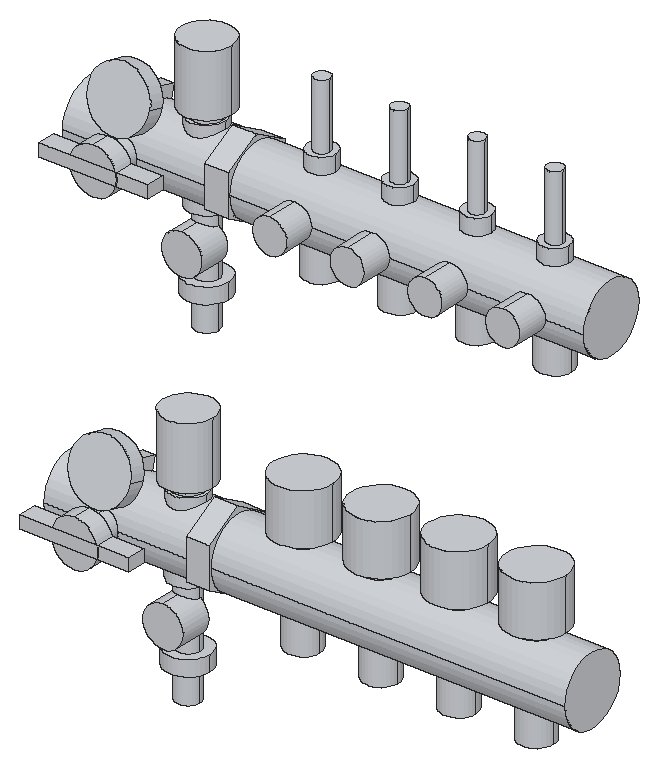
Revit family "318_f16c880827e94962872f661bd91b38", category Pipe Accessories, Revit 2017
Family settings
  Round Connector Dimension = Use Diameter
  Part Type = Valve - Normal
  Work Plane-Based = No
  Always vertical = Yes
  Cut with Voids When Loaded = No
  Shared = No
Parameters (values of type "R553FK104")
  magi_piping_qv_2_4 [instance] = 0.0 L/s
  magi_piping_qv_2_3 [instance] = 0.0 L/s
  magi_piping_qv_2_2 [instance] = 0.0 L/s
  magi_piping_qv_2_1 [instance] = 0.0 L/s
  magi_piping_qv_1_4 [instance] = 0.0 L/s
  magi_piping_qv_1_3 [instance] = 0.0 L/s
  magi_piping_qv_1_2 [instance] = 0.0 L/s
  magi_piping_qv_1_1 [instance] = 0.0 L/s
  magi_piping_qv [instance] = 0.0 L/s
  magi_piping_power_4 [instance] = 0 W
  magi_piping_power_3 [instance] = 0 W
  magi_piping_power_2 [instance] = 0 W
  magi_piping_power_1 [instance] = 0 W
  magi_piping_kv_4 [instance] = 0
  magi_piping_kv_3 [instance] = 0
  magi_piping_kv_2 [instance] = 0
  magi_piping_kv_1 [instance] = 0
  magi_piping_dpTot_4 [instance] = 0.0 Pa
  magi_piping_dpTot_3 [instance] = 0.0 Pa
  magi_piping_dpTot_2 [instance] = 0.0 Pa
  magi_piping_dpTot_1 [instance] = 0.0 Pa
  magi_adjustmentValue_4 [instance] = ""
  magi_adjustmentValue_3 [instance] = ""
  magi_adjustmentValue_2 [instance] = ""
  magi_adjustmentValue_1 [instance] = ""
  magiProductId = "f16c880827e94962872f661bd91b38"
  magiProductFamilyId = "f16c880827e94962872f661bd91b38"
  magiProductCode = "R553FK104"
  magiPartTypeId = 318
  Y = 15 mm
  VersionID = "2.0/2016.10.37.0/GIACOMINI_R553FK_001"
  URL = "http://www.giacomini.com/en"
  SMP = 25 mm
  SBP9 = 18 mm
  SBP8 = 18 mm
  SBP7 = 18 mm
  SBP6 = 18 mm
  SBP5 = 18 mm
  SBP4 = 18 mm
  SBP3 = 18 mm
  SBP2 = 18 mm
  SBP12 = 18 mm
  SBP11 = 18 mm
  SBP10 = 18 mm
  SBP1 = 18 mm
  RMP = 25 mm
  RBP9 = 18 mm
  RBP8 = 18 mm
  RBP7 = 18 mm
  RBP6 = 18 mm
  RBP5 = 18 mm
  RBP4 = 18 mm
  RBP3 = 18 mm
  RBP2 = 18 mm
  RBP12 = 18 mm
  RBP11 = 18 mm
  RBP10 = 18 mm
  RBP1 = 18 mm
  R2 = 22 mm
  QmdConnectorList = "321;SMP;322;SBP1;323;SBP2;324;SBP3;325;SBP4;351;RMP;352;RBP1;353;RBP2;354;RBP3;355;RBP4"
  Productdata [instance] = "© Progman Oy, all rights reserved"
  N9 = no
  N8 = no
  N7 = no
  N6 = no
  N5 = no
  N4 = yes
  N3 = yes
  N12 = no
  N11 = no
  N10 = no
  Manufacturer = "Giacomini"
  MC_Default_elevation = 0 mm
  L = 335 mm
  I = 50 mm
  H5 = 33 mm
  H4 = 5 mm
  H3__ve = -H3  # -40 mm
  H3 = 40 mm
  H2__ve = -H2  # -20 mm
  H2 = 20 mm
  H12 = 42 mm
  H11 = 10 mm
  Flow supply main [instance] = Flow supply 1 + Flow supply 2 + Flow supply 3 + Flow supply 4  # 0.0 L/s
  Flow supply 4 [instance] = 0.0 L/s
  Flow supply 3 [instance] = 0.0 L/s
  Flow supply 2 [instance] = 0.0 L/s
  Flow supply 1 [instance] = 0.0 L/s
  Flow return main [instance] = Flow return 1 + Flow return 2 + Flow return 3 + Flow return 4  # 0.0 L/s
  Flow return 4 [instance] = 0.0 L/s
  Flow return 3 [instance] = 0.0 L/s
  Flow return 2 [instance] = 0.0 L/s
  Flow return 1 [instance] = 0.0 L/s
  E = 208 mm
  Description = "PREASSEMBLED MANIFOLD KIT WITH FLOW METERS"
  D5 = 38 mm
  D4 = 22 mm
  D32 = 10 mm
  D31 = 18 mm
  D2 = 44 mm
  CAT0 = yes
  A = 149 mm
Reference planes
  plane 1 "Center (Front/Back)": y = 0
  plane 2 "XYPLANE": z = 0
  plane 3 "Center (Left/Right)": x = 0
  plane 4 "INIT_TEMP": y = 100
  plane 5 "414": y = -48
  plane 6 "413": z = -178
  plane 7 "412": y = -30
  plane 8 "411": z = -178
  plane 9 "410": z = -274
  plane 10 "409": z = -254
  plane 11 "408": z = -234
  plane 12 "407": z = -177
  plane 13 "406": z = -182
  plane 14 "405": y = -15
  plane 15 "404": z = 30
  plane 16 "403": y = -33
  plane 17 "402": x = 38
  plane 18 "401": z = 30
  plane 19 "400": z = -66
  plane 20 "399": z = -46
  plane 21 "398": z = -26
  plane 22 "397": z = 31
  plane 23 "396": x = 92
  plane 24 "395": z = 26
  plane 25 "394": x = 75
  plane 26 "393": z = -248
  plane 27 "392": z = -181
  plane 28 "391": z = -186
  plane 29 "390": z = -40
  plane 30 "389": x = 0
  plane 31 "388": y = 0
  plane 32 "387": y = -15
  plane 33 "386": z = -208
  plane 34 "385": z = 0
  plane 35 "384": z = 22
  plane 36 "383": x = 149
  plane 37 "382": x = 199
  plane 38 "381": y = -22
  plane 39 "380": x = 249
  plane 40 "379": z = 32
  plane 41 "378": x = 299
  plane 42 "377": x = 349
  plane 43 "376": x = 399
  plane 44 "375": x = 449
  plane 45 "374": x = 499
  plane 46 "373": x = 549
  plane 47 "372": x = 599
  plane 48 "371": x = 649
  plane 49 "370": x = 699
  plane 50 "1126": through (-712, -15, -178) normal (0, -0.2588, -0.9659)
  plane 51 "1127": through (-712, -30, -178) normal (0, 0.9659, -0.2588)
  plane 52 "1128": through (-712, -15, 30) normal (0, -0.9659, 0.2588)
  plane 53 "1129": through (-712, 0, 30) normal (0, 0.2588, 0.9659)
Forms (mm)
  Extrusion 1, solid
    sketch origin (750, -48, 0) x (-1, 0, 0) y (0, 0, 1)
      loop
        circle (712, -208) r 15
    from 0 to -12
  Extrusion 2, solid
    sketch origin (-712, -15, -178) x (1, 0, 0) y (0, -0.965926, 0.258819)
      loop
        line (746, -15) -> (754, -15) -> (754, 15) -> (746, 15) -> (746, -15)
    from 0 to 18
  Extrusion 3, solid
    sketch origin (750, -15, 0) x (-1, 0, 0) y (0, 0, 1)
      loop
        circle (712, -208) r 9
    from 0 to -33
  Extrusion 4, solid
    sketch origin (750, -48, 0) x (-1, 0, 0) y (0, 0, 1)
      loop
        line (677, -204) -> (677, -212) -> (747, -212) -> (747, -204) -> (677, -204)
    from 0 to -12
  Extrusion 5, solid
    sketch origin (-712, -30, -178) x (1, 0, 0) y (0, -0.258819, -0.965926)
      loop
        circle (750, 0) r 20
    from 0 to -10
  Extrusion 6, solid
    sketch origin (-750, 0, -182) x (1, 0, 0) y (0, 1, 0)
      loop
        circle (825, -15) r 12
    from 0 to -52
  Extrusion 7, solid
    sketch origin (92, -750, 0) x (0, 1, 0) y (0, 0, 1)
      loop
        line (735, -182) -> (712.483, -195) -> (712.483, -221) -> (735, -234) -> (757.517, -221) -> (757.517, -195) -> (735, -182)
    from 0 to 15
  Extrusion 8, solid
    sketch origin (-750, 0, -182) x (1, 0, 0) y (0, 1, 0)
      loop
        circle (825, -15) r 10
    from 0 to 5
  Extrusion 9, solid
    sketch origin (-750, 0, -177) x (1, 0, 0) y (0, 1, 0)
      loop
        circle (825, -15) r 16
    from 0 to 40
  Extrusion 10, solid
    sketch origin (-750, 0, -234) x (1, 0, 0) y (0, 1, 0)
      loop
        circle (825, -15) r 7.5
    from 0 to -70
  Extrusion 11, solid
    sketch origin (750, -15, 0) x (-1, 0, 0) y (0, 0, 1)
      loop
        circle (675, -254) r 13
    from 0 to -20
  Extrusion 12, solid
    sketch origin (-750, 0, -274) x (1, 0, 0) y (0, 1, 0)
      loop
        circle (825, -15) r 14
    from 0 to -10
  Extrusion 13, solid
    sketch origin (-712, -15, 30) x (1, 0, 0) y (0, 0.258819, 0.965926)
      loop
        circle (750, 0) r 20
    from 0 to 10
  Extrusion 14, solid
    sketch origin (750, -33, 0) x (-1, 0, 0) y (0, 0, 1)
      loop
        line (677, 4) -> (677, -4) -> (747, -4) -> (747, 4) -> (677, 4)
    from 0 to -12
  Extrusion 15, solid
    sketch origin (750, 0, 0) x (-1, 0, 0) y (0, 0, 1)
      loop
        circle (712, 0) r 9
    from 0 to -33
  Extrusion 16, solid
    sketch origin (-712, 0, 30) x (1, 0, 0) y (0, 0.965926, -0.258819)
      loop
        line (746, 15) -> (746, -15) -> (754, -15) -> (754, 15) -> (746, 15)
    from 0 to -18
  Extrusion 17, solid
    sketch origin (750, -33, 0) x (-1, 0, 0) y (0, 0, 1)
      loop
        circle (712, 0) r 15
    from 0 to -12
  Extrusion 18, solid
    sketch origin (-750, 0, -66) x (1, 0, 0) y (0, 1, 0)
      loop
        circle (825, 0) r 14
    from 0 to -10
  Extrusion 19, solid
    sketch origin (750, 0, 0) x (-1, 0, 0) y (0, 0, 1)
      loop
        circle (675, -46) r 13
    from 0 to -20
  Extrusion 20, solid
    sketch origin (-750, 0, -26) x (1, 0, 0) y (0, 1, 0)
      loop
        circle (825, 0) r 7.5
    from 0 to -70
  Extrusion 21, solid
    sketch origin (-750, 0, 31) x (1, 0, 0) y (0, 1, 0)
      loop
        circle (825, 0) r 16
    from 0 to 40
  Extrusion 22, solid
    sketch origin (-750, 0, 26) x (1, 0, 0) y (0, 1, 0)
      loop
        circle (825, 0) r 10
    from 0 to 5
  Extrusion 23, solid
    sketch origin (92, -750, 0) x (0, 1, 0) y (0, 0, 1)
      loop
        line (750, 26) -> (727.483, 13) -> (727.483, -13) -> (750, -26) -> (772.517, -13) -> (772.517, 13) -> (750, 26)
    from 0 to 15
  Extrusion 24, solid
    sketch origin (-750, 0, 26) x (1, 0, 0) y (0, 1, 0)
      loop
        circle (825, 0) r 12
    from 0 to -52
  Extrusion 25, solid, visible <- "N10"
    sketch origin (-750, 0, -208) x (1, 0, 0) y (0, 1, 0)
      loop
        circle (1349, -15) r 11
    from 0 to -40 <- "H3__ve"
  Extrusion 26, solid, visible <- "N10"
    sketch origin (-750, 0, -186) x (1, 0, 0) y (0, 1, 0)
      loop
        circle (1349, -15) r 11
    from 0 to 5 <- "H4"
  Extrusion 27, solid, visible <- "N10"
    sketch origin (-750, 0, -181) x (1, 0, 0) y (0, 1, 0)
      loop
        circle (1349, -15) r 19
    from 0 to 33 <- "H5"
  Extrusion 28, solid, visible <- "N12"
    sketch origin (-750, 0, -181) x (1, 0, 0) y (0, 1, 0)
      loop
        circle (1449, -15) r 19
    from 0 to 33 <- "H5"
  Extrusion 29, solid, visible <- "N12"
    sketch origin (-750, 0, -186) x (1, 0, 0) y (0, 1, 0)
      loop
        circle (1449, -15) r 11
    from 0 to 5 <- "H4"
  Extrusion 30, solid, visible <- "N12"
    sketch origin (-750, 0, -208) x (1, 0, 0) y (0, 1, 0)
      loop
        circle (1449, -15) r 11
    from 0 to -40 <- "H3__ve"
  Extrusion 31, solid, visible <- "N11"
    sketch origin (-750, 0, -208) x (1, 0, 0) y (0, 1, 0)
      loop
        circle (1399, -15) r 11
    from 0 to -40 <- "H3__ve"
  Extrusion 32, solid, visible <- "N11"
    sketch origin (-750, 0, -186) x (1, 0, 0) y (0, 1, 0)
      loop
        circle (1399, -15) r 11
    from 0 to 5 <- "H4"
  Extrusion 33, solid, visible <- "N11"
    sketch origin (-750, 0, -181) x (1, 0, 0) y (0, 1, 0)
      loop
        circle (1399, -15) r 19
    from 0 to 33 <- "H5"
  Extrusion 34, solid, visible <- "N8"
    sketch origin (-750, 0, -181) x (1, 0, 0) y (0, 1, 0)
      loop
        circle (1249, -15) r 19
    from 0 to 33 <- "H5"
  Extrusion 35, solid, visible <- "N8"
    sketch origin (-750, 0, -186) x (1, 0, 0) y (0, 1, 0)
      loop
        circle (1249, -15) r 11
    from 0 to 5 <- "H4"
  Extrusion 36, solid, visible <- "N8"
    sketch origin (-750, 0, -208) x (1, 0, 0) y (0, 1, 0)
      loop
        circle (1249, -15) r 11
    from 0 to -40 <- "H3__ve"
  Extrusion 37, solid, visible <- "N9"
    sketch origin (-750, 0, -208) x (1, 0, 0) y (0, 1, 0)
      loop
        circle (1299, -15) r 11
    from 0 to -40 <- "H3__ve"
  Extrusion 38, solid, visible <- "N9"
    sketch origin (-750, 0, -186) x (1, 0, 0) y (0, 1, 0)
      loop
        circle (1299, -15) r 11
    from 0 to 5 <- "H4"
  Extrusion 39, solid, visible <- "N9"
    sketch origin (-750, 0, -181) x (1, 0, 0) y (0, 1, 0)
      loop
        circle (1299, -15) r 19
    from 0 to 33 <- "H5"
  Extrusion 40, solid, visible <- "N7"
    sketch origin (-750, 0, -181) x (1, 0, 0) y (0, 1, 0)
      loop
        circle (1199, -15) r 19
    from 0 to 33 <- "H5"
  Extrusion 41, solid, visible <- "N7"
    sketch origin (-750, 0, -186) x (1, 0, 0) y (0, 1, 0)
      loop
        circle (1199, -15) r 11
    from 0 to 5 <- "H4"
  Extrusion 42, solid, visible <- "N7"
    sketch origin (-750, 0, -208) x (1, 0, 0) y (0, 1, 0)
      loop
        circle (1199, -15) r 11
    from 0 to -40 <- "H3__ve"
  Extrusion 43, solid, visible <- "N6"
    sketch origin (-750, 0, -208) x (1, 0, 0) y (0, 1, 0)
      loop
        circle (1149, -15) r 11
    from 0 to -40 <- "H3__ve"
  Extrusion 44, solid, visible <- "N6"
    sketch origin (-750, 0, -186) x (1, 0, 0) y (0, 1, 0)
      loop
        circle (1149, -15) r 11
    from 0 to 5 <- "H4"
  Extrusion 45, solid, visible <- "N6"
    sketch origin (-750, 0, -181) x (1, 0, 0) y (0, 1, 0)
      loop
        circle (1149, -15) r 19
    from 0 to 33 <- "H5"
  Extrusion 46, solid, visible <- "N5"
    sketch origin (-750, 0, -181) x (1, 0, 0) y (0, 1, 0)
      loop
        circle (1099, -15) r 19
    from 0 to 33 <- "H5"
  Extrusion 47, solid, visible <- "N5"
    sketch origin (-750, 0, -186) x (1, 0, 0) y (0, 1, 0)
      loop
        circle (1099, -15) r 11
    from 0 to 5 <- "H4"
  Extrusion 48, solid, visible <- "N5"
    sketch origin (-750, 0, -208) x (1, 0, 0) y (0, 1, 0)
      loop
        circle (1099, -15) r 11
    from 0 to -40 <- "H3__ve"
  Extrusion 49, solid, visible <- "N4"
    sketch origin (-750, 0, -208) x (1, 0, 0) y (0, 1, 0)
      loop
        circle (1049, -15) r 11
    from 0 to -40 <- "H3__ve"
  Extrusion 50, solid, visible <- "N4"
    sketch origin (-750, 0, -186) x (1, 0, 0) y (0, 1, 0)
      loop
        circle (1049, -15) r 11
    from 0 to 5 <- "H4"
  Extrusion 51, solid, visible <- "N4"
    sketch origin (-750, 0, -181) x (1, 0, 0) y (0, 1, 0)
      loop
        circle (1049, -15) r 19
    from 0 to 33 <- "H5"
  Extrusion 52, solid, visible <- "N3"
    sketch origin (-750, 0, -181) x (1, 0, 0) y (0, 1, 0)
      loop
        circle (999, -15) r 19
    from 0 to 33 <- "H5"
  Extrusion 53, solid, visible <- "N3"
    sketch origin (-750, 0, -186) x (1, 0, 0) y (0, 1, 0)
      loop
        circle (999, -15) r 11
    from 0 to 5 <- "H4"
  Extrusion 54, solid
    sketch origin (-750, 0, -186) x (1, 0, 0) y (0, 1, 0)
      loop
        circle (949, -15) r 11
    from 0 to 5 <- "H4"
  Extrusion 55, solid
    sketch origin (-750, 0, -181) x (1, 0, 0) y (0, 1, 0)
      loop
        circle (949, -15) r 19
    from 0 to 33 <- "H5"
  Extrusion 56, solid
    sketch origin (-750, 0, -181) x (1, 0, 0) y (0, 1, 0)
      loop
        circle (899, -15) r 19
    from 0 to 33 <- "H5"
  Extrusion 57, solid
    sketch origin (-750, 0, -186) x (1, 0, 0) y (0, 1, 0)
      loop
        circle (899, -15) r 11
    from 0 to 5 <- "H4"
  Extrusion 58, solid, visible <- "N3"
    sketch origin (-750, 0, -208) x (1, 0, 0) y (0, 1, 0)
      loop
        circle (999, -15) r 11
    from 0 to -40 <- "H3__ve"
  Extrusion 59, solid
    sketch origin (-750, 0, -208) x (1, 0, 0) y (0, 1, 0)
      loop
        circle (899, -15) r 11
    from 0 to -40 <- "H3__ve"
  Extrusion 60, solid
    sketch origin (-750, 0, -208) x (1, 0, 0) y (0, 1, 0)
      loop
        circle (949, -15) r 11
    from 0 to -40 <- "H3__ve"
  Extrusion 61, solid, visible <- "CAT0"
    sketch origin (0, -750, 0) x (0, 1, 0) y (0, 0, 1)
      loop
        circle (735, -208) r 22
    from 0 to 335 <- "L"
  Extrusion 62, solid, visible <- "N8"
    sketch origin (-750, 0, 0) x (1, 0, 0) y (0, 1, 0)
      loop
        circle (1249, 0) r 11
    from 0 to -40 <- "H3__ve"
  Extrusion 63, solid, visible <- "N9"
    sketch origin (-750, 0, 0) x (1, 0, 0) y (0, 1, 0)
      loop
        circle (1299, 0) r 11
    from 0 to -40 <- "H3__ve"
  Extrusion 64, solid, visible <- "N10"
    sketch origin (-750, 0, 0) x (1, 0, 0) y (0, 1, 0)
      loop
        circle (1349, 0) r 11
    from 0 to -40 <- "H3__ve"
  Extrusion 65, solid, visible <- "N11"
    sketch origin (-750, 0, 0) x (1, 0, 0) y (0, 1, 0)
      loop
        circle (1399, 0) r 11
    from 0 to -40 <- "H3__ve"
  Extrusion 66, solid, visible <- "N12"
    sketch origin (-750, 0, 0) x (1, 0, 0) y (0, 1, 0)
      loop
        circle (1449, 0) r 11
    from 0 to -40 <- "H3__ve"
  Extrusion 67, solid, visible <- "N7"
    sketch origin (-750, 0, 0) x (1, 0, 0) y (0, 1, 0)
      loop
        circle (1199, 0) r 11
    from 0 to -40 <- "H3__ve"
  Extrusion 68, solid, visible <- "N6"
    sketch origin (-750, 0, 0) x (1, 0, 0) y (0, 1, 0)
      loop
        circle (1149, 0) r 11
    from 0 to -40 <- "H3__ve"
  Extrusion 69, solid, visible <- "N5"
    sketch origin (-750, 0, 0) x (1, 0, 0) y (0, 1, 0)
      loop
        circle (1099, 0) r 11
    from 0 to -40 <- "H3__ve"
  Extrusion 70, solid, visible <- "N4"
    sketch origin (-750, 0, 0) x (1, 0, 0) y (0, 1, 0)
      loop
        circle (1049, 0) r 11
    from 0 to -40 <- "H3__ve"
  Extrusion 71, solid, visible <- "N3"
    sketch origin (-750, 0, 0) x (1, 0, 0) y (0, 1, 0)
      loop
        circle (999, 0) r 11
    from 0 to -40 <- "H3__ve"
  Extrusion 72, solid
    sketch origin (-750, 0, 0) x (1, 0, 0) y (0, 1, 0)
      loop
        circle (949, 0) r 11
    from 0 to -40 <- "H3__ve"
  Extrusion 73, solid
    sketch origin (-750, 0, 0) x (1, 0, 0) y (0, 1, 0)
      loop
        circle (899, 0) r 11
    from 0 to -40 <- "H3__ve"
  Extrusion 74, solid, visible <- "CAT0"
    sketch origin (0, -750, 0) x (0, 1, 0) y (0, 0, 1)
      loop
        circle (750, 0) r 22
    from 0 to 335 <- "L"
  Extrusion 75, solid
    sketch origin (-750, 0, 22) x (1, 0, 0) y (0, 1, 0)
      loop
        circle (899, 0) r 9
    from 0 to 10 <- "H11"
  Extrusion 76, solid
    sketch origin (750, -22, 0) x (-1, 0, 0) y (0, 0, 1)
      loop
        circle (601, 0) r 11
    from 0 to -20 <- "H2__ve"
  Extrusion 77, solid
    sketch origin (750, -22, 0) x (-1, 0, 0) y (0, 0, 1)
      loop
        circle (551, 0) r 11
    from 0 to -20 <- "H2__ve"
  Extrusion 78, solid, visible <- "N3"
    sketch origin (750, -22, 0) x (-1, 0, 0) y (0, 0, 1)
      loop
        circle (501, 0) r 11
    from 0 to -20 <- "H2__ve"
  Extrusion 79, solid
    sketch origin (-750, 0, 32) x (1, 0, 0) y (0, 1, 0)
      loop
        circle (899, 0) r 5
    from 0 to 42 <- "H12"
  Extrusion 80, solid
    sketch origin (-750, 0, 32) x (1, 0, 0) y (0, 1, 0)
      loop
        circle (949, 0) r 5
    from 0 to 42 <- "H12"
  Extrusion 81, solid
    sketch origin (-750, 0, 22) x (1, 0, 0) y (0, 1, 0)
      loop
        circle (949, 0) r 9
    from 0 to 10 <- "H11"
  Extrusion 82, solid, visible <- "N3"
    sketch origin (-750, 0, 22) x (1, 0, 0) y (0, 1, 0)
      loop
        circle (999, 0) r 9
    from 0 to 10 <- "H11"
  Extrusion 83, solid, visible <- "N3"
    sketch origin (-750, 0, 32) x (1, 0, 0) y (0, 1, 0)
      loop
        circle (999, 0) r 5
    from 0 to 42 <- "H12"
  Extrusion 84, solid, visible <- "N4"
    sketch origin (-750, 0, 32) x (1, 0, 0) y (0, 1, 0)
      loop
        circle (1049, 0) r 5
    from 0 to 42 <- "H12"
  Extrusion 85, solid, visible <- "N4"
    sketch origin (-750, 0, 22) x (1, 0, 0) y (0, 1, 0)
      loop
        circle (1049, 0) r 9
    from 0 to 10 <- "H11"
  Extrusion 86, solid, visible <- "N4"
    sketch origin (750, -22, 0) x (-1, 0, 0) y (0, 0, 1)
      loop
        circle (451, 0) r 11
    from 0 to -20 <- "H2__ve"
  Extrusion 87, solid, visible <- "N5"
    sketch origin (750, -22, 0) x (-1, 0, 0) y (0, 0, 1)
      loop
        circle (401, 0) r 11
    from 0 to -20 <- "H2__ve"
  Extrusion 88, solid, visible <- "N5"
    sketch origin (-750, 0, 22) x (1, 0, 0) y (0, 1, 0)
      loop
        circle (1099, 0) r 9
    from 0 to 10 <- "H11"
  Extrusion 89, solid, visible <- "N5"
    sketch origin (-750, 0, 32) x (1, 0, 0) y (0, 1, 0)
      loop
        circle (1099, 0) r 5
    from 0 to 42 <- "H12"
  Extrusion 90, solid, visible <- "N6"
    sketch origin (-750, 0, 32) x (1, 0, 0) y (0, 1, 0)
      loop
        circle (1149, 0) r 5
    from 0 to 42 <- "H12"
  Extrusion 91, solid, visible <- "N6"
    sketch origin (-750, 0, 22) x (1, 0, 0) y (0, 1, 0)
      loop
        circle (1149, 0) r 9
    from 0 to 10 <- "H11"
  Extrusion 92, solid, visible <- "N6"
    sketch origin (750, -22, 0) x (-1, 0, 0) y (0, 0, 1)
      loop
        circle (351, 0) r 11
    from 0 to -20 <- "H2__ve"
  Extrusion 93, solid, visible <- "N7"
    sketch origin (750, -22, 0) x (-1, 0, 0) y (0, 0, 1)
      loop
        circle (301, 0) r 11
    from 0 to -20 <- "H2__ve"
  Extrusion 94, solid, visible <- "N7"
    sketch origin (-750, 0, 22) x (1, 0, 0) y (0, 1, 0)
      loop
        circle (1199, 0) r 9
    from 0 to 10 <- "H11"
  Extrusion 95, solid, visible <- "N7"
    sketch origin (-750, 0, 32) x (1, 0, 0) y (0, 1, 0)
      loop
        circle (1199, 0) r 5
    from 0 to 42 <- "H12"
  Extrusion 96, solid, visible <- "N8"
    sketch origin (-750, 0, 32) x (1, 0, 0) y (0, 1, 0)
      loop
        circle (1249, 0) r 5
    from 0 to 42 <- "H12"
  Extrusion 97, solid, visible <- "N8"
    sketch origin (-750, 0, 22) x (1, 0, 0) y (0, 1, 0)
      loop
        circle (1249, 0) r 9
    from 0 to 10 <- "H11"
  Extrusion 98, solid, visible <- "N8"
    sketch origin (750, -22, 0) x (-1, 0, 0) y (0, 0, 1)
      loop
        circle (251, 0) r 11
    from 0 to -20 <- "H2__ve"
  Extrusion 99, solid, visible <- "N10"
    sketch origin (750, -22, 0) x (-1, 0, 0) y (0, 0, 1)
      loop
        circle (151, 0) r 11
    from 0 to -20 <- "H2__ve"
  Extrusion 100, solid, visible <- "N10"
    sketch origin (-750, 0, 22) x (1, 0, 0) y (0, 1, 0)
      loop
        circle (1349, 0) r 9
    from 0 to 10 <- "H11"
  Extrusion 101, solid, visible <- "N10"
    sketch origin (-750, 0, 32) x (1, 0, 0) y (0, 1, 0)
      loop
        circle (1349, 0) r 5
    from 0 to 42 <- "H12"
  Extrusion 102, solid, visible <- "N9"
    sketch origin (-750, 0, 32) x (1, 0, 0) y (0, 1, 0)
      loop
        circle (1299, 0) r 5
    from 0 to 42 <- "H12"
  Extrusion 103, solid, visible <- "N9"
    sketch origin (-750, 0, 22) x (1, 0, 0) y (0, 1, 0)
      loop
        circle (1299, 0) r 9
    from 0 to 10 <- "H11"
  Extrusion 104, solid, visible <- "N9"
    sketch origin (750, -22, 0) x (-1, 0, 0) y (0, 0, 1)
      loop
        circle (201, 0) r 11
    from 0 to -20 <- "H2__ve"
  Extrusion 105, solid, visible <- "N11"
    sketch origin (-750, 0, 32) x (1, 0, 0) y (0, 1, 0)
      loop
        circle (1399, 0) r 5
    from 0 to 42 <- "H12"
  Extrusion 106, solid, visible <- "N11"
    sketch origin (-750, 0, 22) x (1, 0, 0) y (0, 1, 0)
      loop
        circle (1399, 0) r 9
    from 0 to 10 <- "H11"
  Extrusion 107, solid, visible <- "N11"
    sketch origin (750, -22, 0) x (-1, 0, 0) y (0, 0, 1)
      loop
        circle (101, 0) r 11
    from 0 to -20 <- "H2__ve"
  Extrusion 108, solid, visible <- "N12"
    sketch origin (750, -22, 0) x (-1, 0, 0) y (0, 0, 1)
      loop
        circle (51, 0) r 11
    from 0 to -20 <- "H2__ve"
  Extrusion 109, solid, visible <- "N12"
    sketch origin (-750, 0, 22) x (1, 0, 0) y (0, 1, 0)
      loop
        circle (1449, 0) r 9
    from 0 to 10 <- "H11"
  Extrusion 110, solid, visible <- "N12"
    sketch origin (-750, 0, 32) x (1, 0, 0) y (0, 1, 0)
      loop
        circle (1449, 0) r 5
    from 0 to 42 <- "H12"
  Extrusion 111, solid, not visible
    sketch origin (-750, 0, -248) x (1, 0, 0) y (0, 1, 0)
      loop
        circle (1049, -15) r 10
    from 0 to 10
  Extrusion 112, solid, not visible
    sketch origin (-750, 0, -248) x (1, 0, 0) y (0, 1, 0)
      loop
        circle (949, -15) r 10
    from 0 to 10
  Extrusion 113, solid, not visible
    sketch origin (-750, 0, -248) x (1, 0, 0) y (0, 1, 0)
      loop
        circle (899, -15) r 10
    from 0 to 10
  Extrusion 114, solid, not visible
    sketch origin (-750, 0, -248) x (1, 0, 0) y (0, 1, 0)
      loop
        circle (999, -15) r 10
    from 0 to 10
  Extrusion 115, solid, not visible
    sketch origin (-750, 0, -40) x (1, 0, 0) y (0, 1, 0)
      loop
        circle (1049, 0) r 10
    from 0 to 10
  Extrusion 116, solid, not visible
    sketch origin (-750, 0, -40) x (1, 0, 0) y (0, 1, 0)
      loop
        circle (999, 0) r 10
    from 0 to 10
  Extrusion 117, solid, not visible
    sketch origin (0, -750, 0) x (0, 1, 0) y (0, 0, 1)
      loop
        circle (750, 0) r 10
    from 0 to 10
  Extrusion 118, solid, not visible
    sketch origin (0, -750, 0) x (0, 1, 0) y (0, 0, 1)
      loop
        circle (735, -208) r 10
    from 0 to 10
  Extrusion 119, solid, not visible
    sketch origin (-750, 0, -40) x (1, 0, 0) y (0, 1, 0)
      loop
        circle (899, 0) r 10
    from 0 to 10
  Extrusion 120, solid, not visible
    sketch origin (-750, 0, -40) x (1, 0, 0) y (0, 1, 0)
      loop
        circle (949, 0) r 10
    from 0 to 10
Text (mm)
  text "© Progman Oy, all rights reserved" at (-472.209, -2482.653, 0), in view "Ref. Level"
Dimensions and locks
  plane 4 "INIT_TEMP" to plane 1 "Center (Front/Back)" = 100 mm
  locked: plane 32 "387" to plane 5 "414" at 33
  locked: plane 33 "386" to plane 6 "413" at 30
  locked: plane 32 "387" to plane 7 "412" at 15
  locked: plane 33 "386" to plane 8 "411" at 30
  locked: plane 11 "408" to plane 9 "410" at 40
  locked: plane 11 "408" to plane 10 "409" at 20
  locked: plane 13 "406" to plane 11 "408" at 52
  locked: plane 13 "406" to plane 12 "407" at 5
  locked: plane 33 "386" to plane 13 "406" at 26
  locked: plane 1 "Center (Front/Back)" to plane 14 "405" at 15
  locked: plane 2 "XYPLANE" to plane 15 "404" at 30
  locked: plane 1 "Center (Front/Back)" to plane 16 "403" at 33
  locked: plane 3 "Center (Left/Right)" to plane 17 "402" at 38
  locked: plane 2 "XYPLANE" to plane 18 "401" at 30
  locked: plane 21 "398" to plane 19 "400" at 40
  locked: plane 21 "398" to plane 20 "399" at 20
  locked: plane 24 "395" to plane 21 "398" at 52
  locked: plane 24 "395" to plane 22 "397" at 5
  locked: plane 25 "394" to plane 23 "396" at 17
  locked: plane 2 "XYPLANE" to plane 24 "395" at 26
  locked: plane 3 "Center (Left/Right)" to plane 25 "394" at 75
  "H3": plane 33 "386" to plane 26 "393"
  "H4": plane 28 "391" to plane 27 "392"
  "R2": plane 33 "386" to plane 28 "391"
  "H3": plane 2 "XYPLANE" to plane 29 "390"
  locked: plane 3 "Center (Left/Right)" to plane 30 "389"
  locked: plane 1 "Center (Front/Back)" to plane 31 "388"
  "Y": plane 1 "Center (Front/Back)" to plane 32 "387"
  "E": plane 2 "XYPLANE" to plane 33 "386"
  locked: plane 2 "XYPLANE" to plane 34 "385"
  "R2": plane 2 "XYPLANE" to plane 35 "384"
  "A": plane 3 "Center (Left/Right)" to plane 36 "383"
  "I": plane 36 "383" to plane 37 "382"
  "R2": plane 1 "Center (Front/Back)" to plane 38 "381"
  "I": plane 37 "382" to plane 39 "380"
  "H11": plane 35 "384" to plane 40 "379"
  "I": plane 39 "380" to plane 41 "378"
  "I": plane 41 "378" to plane 42 "377"
  "I": plane 42 "377" to plane 43 "376"
  "I": plane 43 "376" to plane 44 "375"
  "I": plane 44 "375" to plane 45 "374"
  "I": plane 45 "374" to plane 46 "373"
  "I": plane 46 "373" to plane 47 "372"
  "I": plane 47 "372" to plane 48 "371"
  "I": plane 48 "371" to plane 49 "370"
  "D4": diameter of Extrusion 25 sketch curve
  "D4": diameter of Extrusion 26 sketch curve
  "D5": diameter of Extrusion 27 sketch curve
  "D5": diameter of Extrusion 28 sketch curve
  "D4": diameter of Extrusion 29 sketch curve
  "D4": diameter of Extrusion 30 sketch curve
  "D4": diameter of Extrusion 31 sketch curve
  "D4": diameter of Extrusion 32 sketch curve
  "D5": diameter of Extrusion 33 sketch curve
  "D5": diameter of Extrusion 34 sketch curve
  "D4": diameter of Extrusion 35 sketch curve
  "D4": diameter of Extrusion 36 sketch curve
  "D4": diameter of Extrusion 37 sketch curve
  "D4": diameter of Extrusion 38 sketch curve
  "D5": diameter of Extrusion 39 sketch curve
  "D5": diameter of Extrusion 40 sketch curve
  "D4": diameter of Extrusion 41 sketch curve
  "D4": diameter of Extrusion 42 sketch curve
  "D4": diameter of Extrusion 43 sketch curve
  "D4": diameter of Extrusion 44 sketch curve
  "D5": diameter of Extrusion 45 sketch curve
  "D5": diameter of Extrusion 46 sketch curve
  "D4": diameter of Extrusion 47 sketch curve
  "D4": diameter of Extrusion 48 sketch curve
  "D4": diameter of Extrusion 49 sketch curve
  "D4": diameter of Extrusion 50 sketch curve
  "D5": diameter of Extrusion 51 sketch curve
  "D5": diameter of Extrusion 52 sketch curve
  "D4": diameter of Extrusion 53 sketch curve
  "D4": diameter of Extrusion 54 sketch curve
  "D5": diameter of Extrusion 55 sketch curve
  "D5": diameter of Extrusion 56 sketch curve
  "D4": diameter of Extrusion 57 sketch curve
  "D4": diameter of Extrusion 58 sketch curve
  "D4": diameter of Extrusion 59 sketch curve
  "D4": diameter of Extrusion 60 sketch curve
  "D2": diameter of Extrusion 61 sketch curve
  "D4": diameter of Extrusion 62 sketch curve
  "D4": diameter of Extrusion 63 sketch curve
  "D4": diameter of Extrusion 64 sketch curve
  "D4": diameter of Extrusion 65 sketch curve
  "D4": diameter of Extrusion 66 sketch curve
  "D4": diameter of Extrusion 67 sketch curve
  "D4": diameter of Extrusion 68 sketch curve
  "D4": diameter of Extrusion 69 sketch curve
  "D4": diameter of Extrusion 70 sketch curve
  "D4": diameter of Extrusion 71 sketch curve
  "D4": diameter of Extrusion 72 sketch curve
  "D4": diameter of Extrusion 73 sketch curve
  "D2": diameter of Extrusion 74 sketch curve
  "D31": diameter of Extrusion 75 sketch curve
  "D4": diameter of Extrusion 76 sketch curve
  "D4": diameter of Extrusion 77 sketch curve
  "D4": diameter of Extrusion 78 sketch curve
  "D32": diameter of Extrusion 79 sketch curve
  "D32": diameter of Extrusion 80 sketch curve
  "D31": diameter of Extrusion 81 sketch curve
  "D31": diameter of Extrusion 82 sketch curve
  "D32": diameter of Extrusion 83 sketch curve
  "D32": diameter of Extrusion 84 sketch curve
  "D31": diameter of Extrusion 85 sketch curve
  "D4": diameter of Extrusion 86 sketch curve
  "D4": diameter of Extrusion 87 sketch curve
  "D31": diameter of Extrusion 88 sketch curve
  "D32": diameter of Extrusion 89 sketch curve
  "D32": diameter of Extrusion 90 sketch curve
  "D31": diameter of Extrusion 91 sketch curve
  "D4": diameter of Extrusion 92 sketch curve
  "D4": diameter of Extrusion 93 sketch curve
  "D31": diameter of Extrusion 94 sketch curve
  "D32": diameter of Extrusion 95 sketch curve
  "D32": diameter of Extrusion 96 sketch curve
  "D31": diameter of Extrusion 97 sketch curve
  "D4": diameter of Extrusion 98 sketch curve
  "D4": diameter of Extrusion 99 sketch curve
  "D31": diameter of Extrusion 100 sketch curve
  "D32": diameter of Extrusion 101 sketch curve
  "D32": diameter of Extrusion 102 sketch curve
  "D31": diameter of Extrusion 103 sketch curve
  "D4": diameter of Extrusion 104 sketch curve
  "D32": diameter of Extrusion 105 sketch curve
  "D31": diameter of Extrusion 106 sketch curve
  "D4": diameter of Extrusion 107 sketch curve
  "D4": diameter of Extrusion 108 sketch curve
  "D31": diameter of Extrusion 109 sketch curve
  "D32": diameter of Extrusion 110 sketch curve
  aligned and locked: level to plane 2 "XYPLANE"
  aligned and locked: plane 17 "402" to Extrusion 1 sketch curve
  aligned and locked: plane 33 "386" to Extrusion 1 sketch curve
  aligned and locked: plane 17 "402" to Extrusion 3 sketch curve
  aligned and locked: plane 33 "386" to Extrusion 3 sketch curve
  aligned and locked: plane 17 "402" to Extrusion 5 sketch curve
  aligned and locked: plane 25 "394" to Extrusion 6 sketch curve
  aligned and locked: plane 32 "387" to Extrusion 6 sketch curve
  aligned and locked: plane 25 "394" to Extrusion 8 sketch curve
  aligned and locked: plane 32 "387" to Extrusion 8 sketch curve
  aligned and locked: plane 25 "394" to Extrusion 9 sketch curve
  aligned and locked: plane 32 "387" to Extrusion 9 sketch curve
  aligned and locked: plane 25 "394" to Extrusion 10 sketch curve
  aligned and locked: plane 32 "387" to Extrusion 10 sketch curve
  aligned and locked: plane 10 "409" to Extrusion 11 sketch curve
  aligned and locked: plane 25 "394" to Extrusion 11 sketch curve
  aligned and locked: plane 25 "394" to Extrusion 12 sketch curve
  aligned and locked: plane 32 "387" to Extrusion 12 sketch curve
  aligned and locked: plane 17 "402" to Extrusion 13 sketch curve
  aligned and locked: plane 17 "402" to Extrusion 15 sketch curve
  aligned and locked: plane 34 "385" to Extrusion 15 sketch curve
  aligned and locked: plane 17 "402" to Extrusion 17 sketch curve
  aligned and locked: plane 34 "385" to Extrusion 17 sketch curve
  aligned and locked: plane 25 "394" to Extrusion 18 sketch curve
  aligned and locked: plane 31 "388" to Extrusion 18 sketch curve
  aligned and locked: plane 20 "399" to Extrusion 19 sketch curve
  aligned and locked: plane 25 "394" to Extrusion 19 sketch curve
  aligned and locked: plane 25 "394" to Extrusion 20 sketch curve
  aligned and locked: plane 31 "388" to Extrusion 20 sketch curve
  aligned and locked: plane 25 "394" to Extrusion 21 sketch curve
  aligned and locked: plane 31 "388" to Extrusion 21 sketch curve
  aligned and locked: plane 25 "394" to Extrusion 22 sketch curve
  aligned and locked: plane 31 "388" to Extrusion 22 sketch curve
  aligned and locked: plane 25 "394" to Extrusion 24 sketch curve
  aligned and locked: plane 31 "388" to Extrusion 24 sketch curve
  aligned and locked: plane 32 "387" to Extrusion 25 sketch curve
  aligned and locked: plane 47 "372" to Extrusion 25 sketch curve
  aligned and locked: plane 32 "387" to Extrusion 26 sketch curve
  aligned and locked: plane 47 "372" to Extrusion 26 sketch curve
  aligned and locked: plane 32 "387" to Extrusion 27 sketch curve
  aligned and locked: plane 47 "372" to Extrusion 27 sketch curve
  aligned and locked: plane 32 "387" to Extrusion 28 sketch curve
  aligned and locked: plane 49 "370" to Extrusion 28 sketch curve
  aligned and locked: plane 32 "387" to Extrusion 29 sketch curve
  aligned and locked: plane 49 "370" to Extrusion 29 sketch curve
  aligned and locked: plane 32 "387" to Extrusion 30 sketch curve
  aligned and locked: plane 49 "370" to Extrusion 30 sketch curve
  aligned and locked: plane 32 "387" to Extrusion 31 sketch curve
  aligned and locked: plane 48 "371" to Extrusion 31 sketch curve
  aligned and locked: plane 32 "387" to Extrusion 32 sketch curve
  aligned and locked: plane 48 "371" to Extrusion 32 sketch curve
  aligned and locked: plane 32 "387" to Extrusion 33 sketch curve
  aligned and locked: plane 48 "371" to Extrusion 33 sketch curve
  aligned and locked: plane 32 "387" to Extrusion 34 sketch curve
  aligned and locked: plane 45 "374" to Extrusion 34 sketch curve
  aligned and locked: plane 32 "387" to Extrusion 35 sketch curve
  aligned and locked: plane 45 "374" to Extrusion 35 sketch curve
  aligned and locked: plane 32 "387" to Extrusion 36 sketch curve
  aligned and locked: plane 45 "374" to Extrusion 36 sketch curve
  aligned and locked: plane 32 "387" to Extrusion 37 sketch curve
  aligned and locked: plane 46 "373" to Extrusion 37 sketch curve
  aligned and locked: plane 32 "387" to Extrusion 38 sketch curve
  aligned and locked: plane 46 "373" to Extrusion 38 sketch curve
  aligned and locked: plane 32 "387" to Extrusion 39 sketch curve
  aligned and locked: plane 46 "373" to Extrusion 39 sketch curve
  aligned and locked: plane 32 "387" to Extrusion 40 sketch curve
  aligned and locked: plane 44 "375" to Extrusion 40 sketch curve
  aligned and locked: plane 32 "387" to Extrusion 41 sketch curve
  aligned and locked: plane 44 "375" to Extrusion 41 sketch curve
  aligned and locked: plane 32 "387" to Extrusion 42 sketch curve
  aligned and locked: plane 44 "375" to Extrusion 42 sketch curve
  aligned and locked: plane 32 "387" to Extrusion 43 sketch curve
  aligned and locked: plane 43 "376" to Extrusion 43 sketch curve
  aligned and locked: plane 32 "387" to Extrusion 44 sketch curve
  aligned and locked: plane 43 "376" to Extrusion 44 sketch curve
  aligned and locked: plane 32 "387" to Extrusion 45 sketch curve
  aligned and locked: plane 43 "376" to Extrusion 45 sketch curve
  aligned and locked: plane 32 "387" to Extrusion 46 sketch curve
  aligned and locked: plane 42 "377" to Extrusion 46 sketch curve
  aligned and locked: plane 32 "387" to Extrusion 47 sketch curve
  aligned and locked: plane 42 "377" to Extrusion 47 sketch curve
  aligned and locked: plane 32 "387" to Extrusion 48 sketch curve
  aligned and locked: plane 42 "377" to Extrusion 48 sketch curve
  aligned and locked: plane 32 "387" to Extrusion 49 sketch curve
  aligned and locked: plane 41 "378" to Extrusion 49 sketch curve
  aligned and locked: plane 32 "387" to Extrusion 50 sketch curve
  aligned and locked: plane 41 "378" to Extrusion 50 sketch curve
  aligned and locked: plane 32 "387" to Extrusion 51 sketch curve
  aligned and locked: plane 41 "378" to Extrusion 51 sketch curve
  aligned and locked: plane 32 "387" to Extrusion 52 sketch curve
  aligned and locked: plane 39 "380" to Extrusion 52 sketch curve
  aligned and locked: plane 32 "387" to Extrusion 53 sketch curve
  aligned and locked: plane 39 "380" to Extrusion 53 sketch curve
  aligned and locked: plane 32 "387" to Extrusion 54 sketch curve
  aligned and locked: plane 37 "382" to Extrusion 54 sketch curve
  aligned and locked: plane 32 "387" to Extrusion 55 sketch curve
  aligned and locked: plane 37 "382" to Extrusion 55 sketch curve
  aligned and locked: plane 32 "387" to Extrusion 56 sketch curve
  aligned and locked: plane 36 "383" to Extrusion 56 sketch curve
  aligned and locked: plane 32 "387" to Extrusion 57 sketch curve
  aligned and locked: plane 36 "383" to Extrusion 57 sketch curve
  aligned and locked: plane 32 "387" to Extrusion 58 sketch curve
  aligned and locked: plane 39 "380" to Extrusion 58 sketch curve
  aligned and locked: plane 32 "387" to Extrusion 59 sketch curve
  aligned and locked: plane 36 "383" to Extrusion 59 sketch curve
  aligned and locked: plane 32 "387" to Extrusion 60 sketch curve
  aligned and locked: plane 37 "382" to Extrusion 60 sketch curve
  aligned and locked: Extrusion 61 sketch curve to plane 32 "387"
  aligned and locked: plane 33 "386" to Extrusion 61 sketch curve
  aligned and locked: plane 31 "388" to Extrusion 62 sketch curve
  aligned and locked: plane 45 "374" to Extrusion 62 sketch curve
  aligned and locked: plane 31 "388" to Extrusion 63 sketch curve
  aligned and locked: plane 46 "373" to Extrusion 63 sketch curve
  aligned and locked: plane 31 "388" to Extrusion 64 sketch curve
  aligned and locked: plane 47 "372" to Extrusion 64 sketch curve
  aligned and locked: plane 31 "388" to Extrusion 65 sketch curve
  aligned and locked: plane 48 "371" to Extrusion 65 sketch curve
  aligned and locked: plane 31 "388" to Extrusion 66 sketch curve
  aligned and locked: plane 49 "370" to Extrusion 66 sketch curve
  aligned and locked: plane 31 "388" to Extrusion 67 sketch curve
  aligned and locked: plane 44 "375" to Extrusion 67 sketch curve
  aligned and locked: plane 31 "388" to Extrusion 68 sketch curve
  aligned and locked: plane 43 "376" to Extrusion 68 sketch curve
  aligned and locked: plane 31 "388" to Extrusion 69 sketch curve
  aligned and locked: plane 42 "377" to Extrusion 69 sketch curve
  aligned and locked: plane 31 "388" to Extrusion 70 sketch curve
  aligned and locked: plane 41 "378" to Extrusion 70 sketch curve
  aligned and locked: plane 31 "388" to Extrusion 71 sketch curve
  aligned and locked: plane 39 "380" to Extrusion 71 sketch curve
  aligned and locked: plane 31 "388" to Extrusion 72 sketch curve
  aligned and locked: plane 37 "382" to Extrusion 72 sketch curve
  aligned and locked: plane 31 "388" to Extrusion 73 sketch curve
  aligned and locked: plane 36 "383" to Extrusion 73 sketch curve
  aligned and locked: Extrusion 74 sketch curve to plane 31 "388"
  aligned and locked: plane 34 "385" to Extrusion 74 sketch curve
  aligned and locked: plane 31 "388" to Extrusion 75 sketch curve
  aligned and locked: plane 36 "383" to Extrusion 75 sketch curve
  aligned and locked: plane 34 "385" to Extrusion 76 sketch curve
  aligned and locked: plane 36 "383" to Extrusion 76 sketch curve
  aligned and locked: plane 34 "385" to Extrusion 77 sketch curve
  aligned and locked: plane 37 "382" to Extrusion 77 sketch curve
  aligned and locked: plane 34 "385" to Extrusion 78 sketch curve
  aligned and locked: plane 39 "380" to Extrusion 78 sketch curve
  aligned and locked: plane 31 "388" to Extrusion 79 sketch curve
  aligned and locked: plane 36 "383" to Extrusion 79 sketch curve
  aligned and locked: plane 31 "388" to Extrusion 80 sketch curve
  aligned and locked: plane 37 "382" to Extrusion 80 sketch curve
  aligned and locked: plane 31 "388" to Extrusion 81 sketch curve
  aligned and locked: plane 37 "382" to Extrusion 81 sketch curve
  aligned and locked: plane 31 "388" to Extrusion 82 sketch curve
  aligned and locked: plane 39 "380" to Extrusion 82 sketch curve
  aligned and locked: plane 31 "388" to Extrusion 83 sketch curve
  aligned and locked: plane 39 "380" to Extrusion 83 sketch curve
  aligned and locked: plane 31 "388" to Extrusion 84 sketch curve
  aligned and locked: plane 41 "378" to Extrusion 84 sketch curve
  aligned and locked: plane 31 "388" to Extrusion 85 sketch curve
  aligned and locked: plane 41 "378" to Extrusion 85 sketch curve
  aligned and locked: plane 34 "385" to Extrusion 86 sketch curve
  aligned and locked: plane 41 "378" to Extrusion 86 sketch curve
  aligned and locked: plane 34 "385" to Extrusion 87 sketch curve
  aligned and locked: plane 42 "377" to Extrusion 87 sketch curve
  aligned and locked: plane 31 "388" to Extrusion 88 sketch curve
  aligned and locked: plane 42 "377" to Extrusion 88 sketch curve
  aligned and locked: plane 31 "388" to Extrusion 89 sketch curve
  aligned and locked: plane 42 "377" to Extrusion 89 sketch curve
  aligned and locked: plane 31 "388" to Extrusion 90 sketch curve
  aligned and locked: plane 43 "376" to Extrusion 90 sketch curve
  aligned and locked: plane 31 "388" to Extrusion 91 sketch curve
  aligned and locked: plane 43 "376" to Extrusion 91 sketch curve
  aligned and locked: plane 34 "385" to Extrusion 92 sketch curve
  aligned and locked: plane 43 "376" to Extrusion 92 sketch curve
  aligned and locked: plane 34 "385" to Extrusion 93 sketch curve
  aligned and locked: plane 44 "375" to Extrusion 93 sketch curve
  aligned and locked: plane 31 "388" to Extrusion 94 sketch curve
  aligned and locked: plane 44 "375" to Extrusion 94 sketch curve
  aligned and locked: plane 31 "388" to Extrusion 95 sketch curve
  aligned and locked: plane 44 "375" to Extrusion 95 sketch curve
  aligned and locked: plane 31 "388" to Extrusion 96 sketch curve
  aligned and locked: plane 45 "374" to Extrusion 96 sketch curve
  aligned and locked: plane 31 "388" to Extrusion 97 sketch curve
  aligned and locked: plane 45 "374" to Extrusion 97 sketch curve
  aligned and locked: plane 34 "385" to Extrusion 98 sketch curve
  aligned and locked: plane 45 "374" to Extrusion 98 sketch curve
  aligned and locked: plane 34 "385" to Extrusion 99 sketch curve
  aligned and locked: plane 47 "372" to Extrusion 99 sketch curve
  aligned and locked: plane 31 "388" to Extrusion 100 sketch curve
  aligned and locked: plane 47 "372" to Extrusion 100 sketch curve
  aligned and locked: plane 31 "388" to Extrusion 101 sketch curve
  aligned and locked: plane 47 "372" to Extrusion 101 sketch curve
  aligned and locked: plane 31 "388" to Extrusion 102 sketch curve
  aligned and locked: plane 46 "373" to Extrusion 102 sketch curve
  aligned and locked: plane 31 "388" to Extrusion 103 sketch curve
  aligned and locked: plane 46 "373" to Extrusion 103 sketch curve
  aligned and locked: plane 34 "385" to Extrusion 104 sketch curve
  aligned and locked: plane 46 "373" to Extrusion 104 sketch curve
  aligned and locked: plane 31 "388" to Extrusion 105 sketch curve
  aligned and locked: plane 48 "371" to Extrusion 105 sketch curve
  aligned and locked: plane 31 "388" to Extrusion 106 sketch curve
  aligned and locked: plane 48 "371" to Extrusion 106 sketch curve
  aligned and locked: plane 34 "385" to Extrusion 107 sketch curve
  aligned and locked: plane 48 "371" to Extrusion 107 sketch curve
  aligned and locked: plane 34 "385" to Extrusion 108 sketch curve
  aligned and locked: plane 49 "370" to Extrusion 108 sketch curve
  aligned and locked: plane 31 "388" to Extrusion 109 sketch curve
  aligned and locked: plane 49 "370" to Extrusion 109 sketch curve
  aligned and locked: plane 31 "388" to Extrusion 110 sketch curve
  aligned and locked: plane 49 "370" to Extrusion 110 sketch curve
  aligned and locked: plane 32 "387" to Extrusion 111 sketch curve
  aligned and locked: plane 41 "378" to Extrusion 111 sketch curve
  aligned and locked: plane 32 "387" to Extrusion 112 sketch curve
  aligned and locked: plane 37 "382" to Extrusion 112 sketch curve
  aligned and locked: plane 32 "387" to Extrusion 113 sketch curve
  aligned and locked: plane 36 "383" to Extrusion 113 sketch curve
  aligned and locked: plane 32 "387" to Extrusion 114 sketch curve
  aligned and locked: plane 39 "380" to Extrusion 114 sketch curve
  aligned and locked: plane 31 "388" to Extrusion 115 sketch curve
  aligned and locked: plane 41 "378" to Extrusion 115 sketch curve
  aligned and locked: plane 31 "388" to Extrusion 116 sketch curve
  aligned and locked: plane 39 "380" to Extrusion 116 sketch curve
  aligned and locked: Extrusion 117 sketch curve to plane 31 "388"
  aligned and locked: plane 34 "385" to Extrusion 117 sketch curve
  aligned and locked: Extrusion 118 sketch curve to plane 32 "387"
  aligned and locked: plane 33 "386" to Extrusion 118 sketch curve
  aligned and locked: plane 31 "388" to Extrusion 119 sketch curve
  aligned and locked: plane 36 "383" to Extrusion 119 sketch curve
  aligned and locked: plane 31 "388" to Extrusion 120 sketch curve
  aligned and locked: plane 37 "382" to Extrusion 120 sketch curve
Automatic sketch dimensions
  plane 11 "408" to Extrusion 1 sketch curve = 11 mm
  Extrusion 2 sketch curve to plane 17 "402" = 4 mm
  Extrusion 2 sketch curve to plane 51 "1127" = 0.511 mm
  plane 17 "402" to Extrusion 2 sketch curve = 4 mm
  plane 51 "1127" to Extrusion 2 sketch curve = 29.489 mm
  Extrusion 3 sketch curve to plane 33 "386" = 9 mm
  Extrusion 4 sketch curve to plane 25 "394" = 2 mm
  plane 3 "Center (Left/Right)" to Extrusion 4 sketch curve = 3 mm
  Extrusion 4 sketch curve to plane 33 "386" = 4 mm
  plane 33 "386" to Extrusion 4 sketch curve = 4 mm
  plane 50 "1126" to Extrusion 5 sketch curve = 3.882 mm
  plane 3 "Center (Left/Right)" to Extrusion 5 sketch curve = 18 mm
  Extrusion 6 sketch curve to plane 25 "394" = 12 mm
  Extrusion 7 sketch curve to plane 13 "406" = 0 mm
  Extrusion 7 sketch curve to plane 14 "405" = 0 mm  (x2)
  Extrusion 7 sketch curve to plane 11 "408" = 0 mm
  Extrusion 7 sketch curve to plane 16 "403" = 4.517 mm
  Extrusion 7 sketch curve to plane 1 "Center (Front/Back)" = 7.517 mm
  plane 11 "408" to Extrusion 7 sketch curve = 13 mm  (x2)
  Extrusion 7 sketch curve to plane 28 "391" = 9 mm  (x2)
  Extrusion 8 sketch curve to plane 25 "394" = 10 mm
  Extrusion 9 sketch curve to plane 25 "394" = 16 mm
  Extrusion 10 sketch curve to plane 25 "394" = 7.5 mm
  plane 9 "410" to Extrusion 11 sketch curve = 7 mm
  Extrusion 12 sketch curve to plane 25 "394" = 14 mm
  Extrusion 13 sketch curve to plane 53 "1129" = 3.882 mm
  plane 3 "Center (Left/Right)" to Extrusion 13 sketch curve = 18 mm
  Extrusion 14 sketch curve to plane 25 "394" = 2 mm
  plane 3 "Center (Left/Right)" to Extrusion 14 sketch curve = 3 mm
  Extrusion 14 sketch curve to level = 4 mm
  level to Extrusion 14 sketch curve = 4 mm
  Extrusion 15 sketch curve to level = 9 mm
  Extrusion 16 sketch curve to plane 17 "402" = 4 mm
  plane 52 "1128" to Extrusion 16 sketch curve = 0.511 mm
  plane 17 "402" to Extrusion 16 sketch curve = 4 mm
  Extrusion 16 sketch curve to plane 51 "1127" = 9.857 mm
  plane 21 "398" to Extrusion 17 sketch curve = 11 mm
  Extrusion 18 sketch curve to plane 25 "394" = 14 mm
  plane 19 "400" to Extrusion 19 sketch curve = 7 mm
  Extrusion 20 sketch curve to plane 25 "394" = 7.5 mm
  Extrusion 21 sketch curve to plane 25 "394" = 16 mm
  Extrusion 22 sketch curve to plane 25 "394" = 10 mm
  Extrusion 23 sketch curve to plane 1 "Center (Front/Back)" = 0 mm  (x2)
  Extrusion 23 sketch curve to plane 21 "398" = 0 mm
  Extrusion 23 sketch curve to plane 24 "395" = 0 mm
  Extrusion 23 sketch curve to plane 38 "381" = 0.517 mm
  Extrusion 23 sketch curve to plane 35 "384" = 9 mm  (x2)
  Extrusion 23 sketch curve to plane 1 "Center (Front/Back)" = 22.517 mm
  Extrusion 23 sketch curve to level = 13 mm  (x2)
  Extrusion 24 sketch curve to plane 25 "394" = 12 mm
  Extrusion 111 sketch curve to plane 38 "381" = 3 mm
  Extrusion 112 sketch curve to plane 38 "381" = 3 mm
  Extrusion 113 sketch curve to plane 38 "381" = 3 mm
  Extrusion 114 sketch curve to plane 38 "381" = 3 mm
  plane 14 "405" to Extrusion 115 sketch curve = 5 mm
  plane 14 "405" to Extrusion 116 sketch curve = 5 mm
  plane 14 "405" to Extrusion 117 sketch curve = 5 mm
  Extrusion 118 sketch curve to plane 38 "381" = 3 mm
  plane 14 "405" to Extrusion 119 sketch curve = 5 mm
  plane 14 "405" to Extrusion 120 sketch curve = 5 mm
Connectors
  piping at (0, 0, 0), diameter 25, driven by "Flow supply main", driven by "SMP"
    settings: on Extrusion 117, index 1, connector inside diameter 609.6 mm, connector length 0 mm, flow factor 0, pipe flow 0.0 L/s, pressure drop 0.0 Pa, fitting loss kfactor 0, connector angle 0.00°, fixture units 0, engagement length 0 mm, angle of deflection 0.00°, flow configuration 1, flow direction 1, fitting loss method 0, system type 7, joint type 0, gender type 0, connector reference index -1, connector utility 0, adjustable connector no, is connector primary yes, connector description "Main_1_1"
  piping at (149, 0, -40), diameter 18, driven by "Flow supply 1", driven by "SBP1"
    settings: on Extrusion 119, index 2, connector inside diameter 609.6 mm, connector length 0 mm, flow factor 0, pipe flow 0.0 L/s, pressure drop 0.0 Pa, fitting loss kfactor 0, connector angle 0.00°, fixture units 0, engagement length 0 mm, angle of deflection 0.00°, flow configuration 0, flow direction 2, fitting loss method 0, system type 7, joint type 0, gender type 0, connector reference index -1, connector utility 0, adjustable connector no, is connector primary no, connector description "Branch_1_1"
  piping at (199, 0, -40), diameter 18, driven by "Flow supply 2", driven by "SBP2"
    settings: on Extrusion 120, index 3, connector inside diameter 609.6 mm, connector length 0 mm, flow factor 0, pipe flow 0.0 L/s, pressure drop 0.0 Pa, fitting loss kfactor 0, connector angle 0.00°, fixture units 0, engagement length 0 mm, angle of deflection 0.00°, flow configuration 0, flow direction 2, fitting loss method 0, system type 7, joint type 0, gender type 0, connector reference index -1, connector utility 0, adjustable connector no, is connector primary no, connector description "Branch_1_2"
  piping at (249, 0, -40), diameter 18, driven by "Flow supply 3", driven by "SBP3"
    settings: on Extrusion 116, index 4, connector inside diameter 609.6 mm, connector length 0 mm, flow factor 0, pipe flow 0.0 L/s, pressure drop 0.0 Pa, fitting loss kfactor 0, connector angle 0.00°, fixture units 0, engagement length 0 mm, angle of deflection 0.00°, flow configuration 0, flow direction 2, fitting loss method 0, system type 7, joint type 0, gender type 0, connector reference index -1, connector utility 0, adjustable connector no, is connector primary no, connector description "Branch_1_3"
  piping at (299, 0, -40), diameter 18, driven by "Flow supply 4", driven by "SBP4"
    settings: on Extrusion 115, index 5, connector inside diameter 609.6 mm, connector length 0 mm, flow factor 0, pipe flow 0.0 L/s, pressure drop 0.0 Pa, fitting loss kfactor 0, connector angle 0.00°, fixture units 0, engagement length 0 mm, angle of deflection 0.00°, flow configuration 0, flow direction 2, fitting loss method 0, system type 7, joint type 0, gender type 0, connector reference index -1, connector utility 0, adjustable connector no, is connector primary no, connector description "Branch_1_4"
  piping at (0, -15, -208), diameter 25, driven by "Flow return main", driven by "RMP"
    settings: on Extrusion 118, index 6, connector inside diameter 609.6 mm, connector length 0 mm, flow factor 0, pipe flow 0.0 L/s, pressure drop 0.0 Pa, fitting loss kfactor 0, connector angle 0.00°, fixture units 0, engagement length 0 mm, angle of deflection 0.00°, flow configuration 1, flow direction 2, fitting loss method 0, system type 8, joint type 0, gender type 0, connector reference index -1, connector utility 0, adjustable connector no, is connector primary no, connector description "Main_2_1"
  piping at (149, -15, -248), diameter 18, driven by "Flow return 1", driven by "RBP1"
    settings: on Extrusion 113, index 7, connector inside diameter 609.6 mm, connector length 0 mm, flow factor 0, pipe flow 0.0 L/s, pressure drop 0.0 Pa, fitting loss kfactor 0, connector angle 0.00°, fixture units 0, engagement length 0 mm, angle of deflection 0.00°, flow configuration 0, flow direction 1, fitting loss method 0, system type 8, joint type 0, gender type 0, connector reference index -1, connector utility 0, adjustable connector no, is connector primary no, connector description "Branch_2_1"
  piping at (199, -15, -248), diameter 18, driven by "Flow return 2", driven by "RBP2"
    settings: on Extrusion 112, index 8, connector inside diameter 609.6 mm, connector length 0 mm, flow factor 0, pipe flow 0.0 L/s, pressure drop 0.0 Pa, fitting loss kfactor 0, connector angle 0.00°, fixture units 0, engagement length 0 mm, angle of deflection 0.00°, flow configuration 0, flow direction 1, fitting loss method 0, system type 8, joint type 0, gender type 0, connector reference index -1, connector utility 0, adjustable connector no, is connector primary no, connector description "Branch_2_2"
  piping at (249, -15, -248), diameter 18, driven by "Flow return 3", driven by "RBP3"
    settings: on Extrusion 114, index 9, connector inside diameter 609.6 mm, connector length 0 mm, flow factor 0, pipe flow 0.0 L/s, pressure drop 0.0 Pa, fitting loss kfactor 0, connector angle 0.00°, fixture units 0, engagement length 0 mm, angle of deflection 0.00°, flow configuration 0, flow direction 1, fitting loss method 0, system type 8, joint type 0, gender type 0, connector reference index -1, connector utility 0, adjustable connector no, is connector primary no, connector description "Branch_2_3"
  piping at (299, -15, -248), diameter 18, driven by "Flow return 4", driven by "RBP4"
    settings: on Extrusion 111, index 10, connector inside diameter 609.6 mm, connector length 0 mm, flow factor 0, pipe flow 0.0 L/s, pressure drop 0.0 Pa, fitting loss kfactor 0, connector angle 0.00°, fixture units 0, engagement length 0 mm, angle of deflection 0.00°, flow configuration 0, flow direction 1, fitting loss method 0, system type 8, joint type 0, gender type 0, connector reference index -1, connector utility 0, adjustable connector no, is connector primary no, connector description "Branch_2_4"
